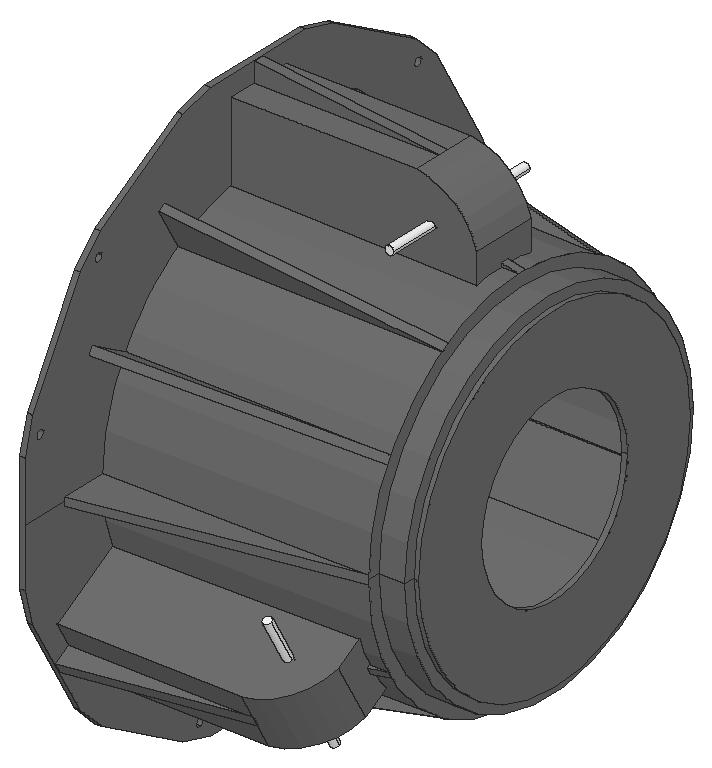
Revit family "L100-65FWS", category Pipe Accessories, Revit 2016
Family settings
  Part Type = Breaks Into
  Round Connector Dimension = Use Diameter
  Work Plane-Based = No
  Always vertical = No
  Cut with Voids When Loaded = No
  Shared = No
Parameters
  URL = "http://www.snapcollars.com"
  Model = "L100FWS"
  Manufacturer = "Snap Fire Systems"
  Description = "The L-100-FWS is a low-top, cast-in fire collar for concrete slabs 150mm or thicker."
Reference planes
  plane 1 "Center (Front/Back)": y = 0
  plane 2: z = 0
  plane 3 "Center (Left/Right)": x = -165
  plane 4: x = -230
  plane 5: x = -176.254
  plane 6: y = 90.593
  plane 7: y = -50
  plane 8: y = 100.593
  plane 9: y = -60
  plane 10: x = -195.933
  plane 11: x = -79.975
Forms (mm)
  Revolve 1, solid, material "PVC-Black", detail levels medium+fine
    sketch origin (0, 0, 0) x (1, 0, 0) y (0, 1, 0)
      loop
        line (-227.967, -69.144) -> (-134.479, -68.001) -> (-134.479, -63.623) -> (-125, -63.623) -> (-125, -59.868) -> (-141.666, -59.594) -> (-141.666, -63.997) -> (-230, -65.169) -> (-230, -105) -> (-227.967, -105) -> (-227.967, -69.144)
      axis (-230, 0) -> (-125, 0)
    angle from 0 to 360
  Extrusion 2, void
    sketch origin (-227.967, 0, 0) x (0, 1, 0) y (0, 0, -1)
      loop
        line (-27.564, -102.871) -> (27.564, -102.871) -> (75.307, -75.307) -> (102.871, -27.564) -> (102.871, 27.564) -> (75.307, 75.307) -> (27.564, 102.871) -> (-27.564, 102.871) -> (-75.307, 75.307) -> (-102.871, 27.564) -> (-102.871, -27.564) -> (-75.307, -75.307) -> (-27.564, -102.871)
      loop
        circle (0, 0) r 118.785
    from 0 to 2.033
  Extrusion 3, void
    sketch origin (-227.967, 0, 0) x (0, 1, 0) y (0, 0, -1)
      loop
        circle (-70.697, -70.697) r 1.577
      loop
        circle (-96.574, -25.877) r 1.577
      loop
        circle (96.571, -25.888) r 1.577
      loop
        circle (70.689, -70.705) r 1.577
      loop
        circle (-25.877, 96.574) r 1.577
      loop
        circle (25.877, 96.574) r 1.577
    from 0 to 2.033
  Extrusion 4, solid, material "PVC-Black", detail levels fine
    sketch origin (0, 0, 0) x (1, 0, 0) y (0, 0, 1)
      loop
        line (-134.479, 68.001) -> (-227.967, 86.048) -> (-227.967, 69.12) -> (-134.479, 68.001)
    from -1.5 to 1.5
  Extrusion 5, solid, material "PVC-Black", detail levels medium+fine
    sketch origin (0, 0, 0) x (1, 0, 0) y (0, 0, 1)
      loop
        line (-227.967, 58.439) -> (-140.967, 58.439) -> (-140.967, 77.244)
        arc (-140.967, 77.244) -> (-148.679, 90.01) -> (-162.316, 96.048) r 24.811
        line (-162.316, 96.048) -> (-227.967, 96.048) -> (-227.967, 58.439)
    from -12 to 12
  Extrusion 6, solid, material "PVC-Black", detail levels medium+fine
    sketch origin (0, 0, 0) x (1, 0, 0) y (0, -0.866025, -0.5)
      loop
        line (-227.967, 58.439) -> (-140.967, 58.439) -> (-140.967, 77.244)
        arc (-140.967, 77.244) -> (-148.679, 90.01) -> (-162.316, 96.048) r 24.811
        line (-162.316, 96.048) -> (-227.967, 96.048) -> (-227.967, 58.439)
    from -12 to 12
  Extrusion 7, solid, material "PVC-Black", detail levels medium+fine
    sketch origin (0, 0, 0) x (1, 0, 0) y (0, 0.866025, -0.5)
      loop
        line (-227.967, 58.439) -> (-140.967, 58.439) -> (-140.967, 77.244)
        arc (-140.967, 77.244) -> (-148.679, 90.01) -> (-162.316, 96.048) r 24.811
        line (-162.316, 96.048) -> (-227.967, 96.048) -> (-227.967, 58.439)
    from -12 to 12
  Extrusion 8, solid, material "PVC-Black", detail levels fine
    sketch origin (0, 0, 0) x (1, 0, 0) y (0, 0, 1)
      loop
        line (-227.967, 102.871) -> (-227.967, 96.048) -> (-162.316, 96.048) -> (-227.967, 102.871)
    from -2 to 2
  Extrusion 9, solid, material "PVC-Black", detail levels fine
    sketch origin (0, 0, 0) x (1, 0, 0) y (0, 0.866025, -0.5)
      loop
        line (-227.967, 102.871) -> (-227.967, 96.048) -> (-162.316, 96.048) -> (-227.967, 102.871)
    from -2 to 2
  Extrusion 10, solid, material "PVC-Black", detail levels fine
    sketch origin (0, 0, 0) x (1, 0, 0) y (0, -0.866025, -0.5)
      loop
        line (-227.967, 102.871) -> (-227.967, 96.048) -> (-162.316, 96.048) -> (-227.967, 102.871)
    from -2 to 2
  Extrusion 11, solid, material "PVC-White", not visible, detail levels fine
    sketch origin (0, 0, 0) x (1, 0, 0) y (0, 0, 1)
      loop
        line (-80, 60.418) -> (-227.967, 86.048) -> (-227.967, 69.12) -> (-80, 60.418)
    from -1.5 to 1.5
  Extrusion 12, solid, material "PVC-White", not visible, detail levels fine
    sketch origin (0, 0, 0) x (1, 0, 0) y (0, -0.5, 0.866025)
      loop
        line (-80, 60.418) -> (-227.967, 86.048) -> (-227.967, 69.12) -> (-80, 60.418)
    from -1.5 to 1.5
  Extrusion 13, solid, material "PVC-White", not visible, detail levels fine
    sketch origin (0, 0, 0) x (1, 0, 0) y (0, -0.866025, 0.5)
      loop
        line (-80, 60.418) -> (-227.967, 86.048) -> (-227.967, 69.12) -> (-80, 60.418)
    from -1.5 to 1.5
  Extrusion 14, solid, material "PVC-White", not visible, detail levels fine
    sketch origin (0, 0, 0) x (0, -1, 0) y (-1, 0, 0)
      loop
        line (60.418, 80) -> (86.048, 227.967) -> (69.12, 227.967) -> (60.418, 80)
    from -1.5 to 1.5
  Extrusion 15, solid, material "PVC-White", not visible, detail levels fine
    sketch origin (0, 0, 0) x (1, 0, 0) y (0, -0.866025, -0.5)
      loop
        line (-80, 60.418) -> (-227.967, 86.048) -> (-227.967, 69.12) -> (-80, 60.418)
    from -1.5 to 1.5
  Extrusion 16, solid, material "PVC-White", not visible, detail levels fine
    sketch origin (0, 0, 0) x (1, 0, 0) y (0, -0.5, -0.866025)
      loop
        line (-80, 60.418) -> (-227.967, 86.048) -> (-227.967, 69.12) -> (-80, 60.418)
    from -1.5 to 1.5
  Extrusion 17, solid, material "PVC-White", not visible, detail levels fine
    sketch origin (0, 0, 0) x (1, 0, 0) y (0, 0, -1)
      loop
        line (-80, 60.418) -> (-227.967, 86.048) -> (-227.967, 69.12) -> (-80, 60.418)
    from -1.5 to 1.5
  Extrusion 18, solid, material "PVC-White", not visible, detail levels fine
    sketch origin (0, 0, 0) x (1, 0, 0) y (0, 0.5, -0.866025)
      loop
        line (-80, 60.418) -> (-227.967, 86.048) -> (-227.967, 69.12) -> (-80, 60.418)
    from -1.5 to 1.5
  Extrusion 19, solid, material "PVC-White", not visible, detail levels fine
    sketch origin (0, 0, 0) x (1, 0, 0) y (0, 0.866025, -0.5)
      loop
        line (-80, 60.418) -> (-227.967, 86.048) -> (-227.967, 69.12) -> (-80, 60.418)
    from -1.5 to 1.5
  Extrusion 20, solid, material "PVC-White", not visible, detail levels fine
    sketch origin (0, 0, 0) x (1, 0, 0) y (0, 1, 0)
      loop
        line (-80, 60.418) -> (-227.967, 86.048) -> (-227.967, 69.12) -> (-80, 60.418)
    from -1.5 to 1.5
  Extrusion 21, solid, material "PVC-White", not visible, detail levels fine
    sketch origin (0, 0, 0) x (1, 0, 0) y (0, 0.866025, 0.5)
      loop
        line (-80, 60.418) -> (-227.967, 86.048) -> (-227.967, 69.12) -> (-80, 60.418)
    from -1.5 to 1.5
  Extrusion 22, solid, material "PVC-White", not visible, detail levels fine
    sketch origin (0, 0, 0) x (1, 0, 0) y (0, 0.5, 0.866025)
      loop
        line (-80, 60.418) -> (-227.967, 86.048) -> (-227.967, 69.12) -> (-80, 60.418)
    from -1.5 to 1.5
  Extrusion 23, solid, material "PVC-White", detail levels fine
    sketch origin (0, 0, 0) x (1, 0, 0) y (0, 0, 1)
      loop
        circle (-157.362, 79.878) r 1.5
    from -30 to 30
  Extrusion 24, solid, material "PVC-White", detail levels fine
    sketch origin (0, 0, 0) x (1, 0, 0) y (0, 0.866025, -0.5)
      loop
        circle (-157.362, 79.878) r 1.5
    from -30 to 30
  Extrusion 25, solid, material "PVC-White", detail levels fine
    sketch origin (0, 0, 0) x (1, 0, 0) y (0, -0.866025, -0.5)
      loop
        circle (-157.362, 79.878) r 1.5
    from -30 to 30
  Extrusion 26, solid, material "PVC-Black", detail levels fine
    sketch origin (0, 0, 0) x (1, 0, 0) y (0, 0.5, 0.866025)
      loop
        line (-134.479, 68.001) -> (-227.967, 86.048) -> (-227.967, 69.12) -> (-134.479, 68.001)
    from -1.5 to 1.5
  Extrusion 27, solid, material "PVC-Black", detail levels fine
    sketch origin (0, 0, 0) x (1, 0, 0) y (0, 0.866025, 0.5)
      loop
        line (-134.479, 68.001) -> (-227.967, 86.048) -> (-227.967, 69.12) -> (-134.479, 68.001)
    from -1.5 to 1.5
  Extrusion 28, solid, material "PVC-Black", detail levels fine
    sketch origin (0, 0, 0) x (1, 0, 0) y (0, 1, 0)
      loop
        line (-134.479, 68.001) -> (-227.967, 86.048) -> (-227.967, 69.12) -> (-134.479, 68.001)
    from -1.5 to 1.5
  Extrusion 29, solid, material "PVC-Black", detail levels fine
    sketch origin (0, 0, 0) x (1, 0, 0) y (0, 0.866025, -0.5)
      loop
        line (-134.479, 68.001) -> (-227.967, 86.048) -> (-227.967, 69.12) -> (-134.479, 68.001)
    from -1.5 to 1.5
  Extrusion 30, solid, material "PVC-Black", detail levels fine
    sketch origin (0, 0, 0) x (1, 0, 0) y (0, 0.5, -0.866025)
      loop
        line (-134.479, 68.001) -> (-227.967, 86.048) -> (-227.967, 69.12) -> (-134.479, 68.001)
    from -1.5 to 1.5
  Extrusion 31, solid, material "PVC-Black", detail levels fine
    sketch origin (0, 0, 0) x (1, 0, 0) y (0, 0, -1)
      loop
        line (-134.479, 68.001) -> (-227.967, 86.048) -> (-227.967, 69.12) -> (-134.479, 68.001)
    from -1.5 to 1.5
  Extrusion 32, solid, material "PVC-Black", detail levels fine
    sketch origin (0, 0, 0) x (1, 0, 0) y (0, -0.5, -0.866025)
      loop
        line (-134.479, 68.001) -> (-227.967, 86.048) -> (-227.967, 69.12) -> (-134.479, 68.001)
    from -1.5 to 1.5
  Extrusion 33, solid, material "PVC-Black", detail levels fine
    sketch origin (0, 0, 0) x (1, 0, 0) y (0, -0.866025, -0.5)
      loop
        line (-134.479, 68.001) -> (-227.967, 86.048) -> (-227.967, 69.12) -> (-134.479, 68.001)
    from -1.5 to 1.5
  Extrusion 34, solid, material "PVC-Black", detail levels fine
    sketch origin (0, 0, 0) x (0, -1, 0) y (-1, 0, 0)
      loop
        line (68.001, 134.479) -> (86.048, 227.967) -> (69.12, 227.967) -> (68.001, 134.479)
    from -1.5 to 1.5
  Extrusion 35, solid, material "PVC-Black", detail levels fine
    sketch origin (0, 0, 0) x (1, 0, 0) y (0, -0.866025, 0.5)
      loop
        line (-134.479, 68.001) -> (-227.967, 86.048) -> (-227.967, 69.12) -> (-134.479, 68.001)
    from -1.5 to 1.5
  Extrusion 36, solid, material "PVC-Black", detail levels fine
    sketch origin (0, 0, 0) x (1, 0, 0) y (0, -0.5, 0.866025)
      loop
        line (-134.479, 68.001) -> (-227.967, 86.048) -> (-227.967, 69.12) -> (-134.479, 68.001)
    from -1.5 to 1.5
  Extrusion 37, solid, material "PVC-Black"
    sketch origin (-125, 0, 0) x (0, -1, 0) y (0, 0, -1)
      loop
        circle (0, 0) r 32.5
      loop
        circle (0, 0) r 59.868
    from 0 to 2
Cuts and joins
  joined: Extrusion 5, Extrusion 6, Extrusion 7
  Extrusion 2, Extrusion 3 cuts Revolve 1
Dimensions and locks
  Extrusion 11 sketch curve to Extrusion 11 sketch curve = 0 mm
  Extrusion 12 sketch curve to Extrusion 12 sketch curve = 0 mm
  Extrusion 13 sketch curve to Extrusion 13 sketch curve = 0 mm
  Extrusion 14 sketch curve to Extrusion 14 sketch curve = 0 mm
  Extrusion 15 sketch curve to Extrusion 15 sketch curve = 0 mm
  Extrusion 16 sketch curve to Extrusion 16 sketch curve = 0 mm
  Extrusion 17 sketch curve to Extrusion 17 sketch curve = 0 mm
  Extrusion 18 sketch curve to Extrusion 18 sketch curve = 0 mm
  Extrusion 19 sketch curve to Extrusion 19 sketch curve = 0 mm
  Extrusion 20 sketch curve to Extrusion 20 sketch curve = 0 mm
  Extrusion 21 sketch curve to Extrusion 21 sketch curve = 0 mm
  Extrusion 22 sketch curve to Extrusion 22 sketch curve = 0 mm
  aligned and locked: level to plane 2
  aligned and locked: plane 1 "Center (Front/Back)" to Revolve 1 sketch curve
Connectors
  piping at (-195.933, 0, 0), diameter 65
    settings: on plane 10, index 4, connector inside diameter 609.6 mm, connector length 0 mm, flow factor 0, pipe flow 0.0 L/s, pressure drop 0.0 Pa, fitting loss kfactor 0, connector angle 0.00°, fixture units 0, engagement length 0 mm, angle of deflection 0.00°, flow configuration 0, flow direction 0, fitting loss method 0, system type 7, joint type 0, gender type 0, connector reference index -1, connector utility 0, adjustable connector no, is connector primary yes, connector description ""
  piping at (-176.254, 0, 0), diameter 65
    settings: on plane 5, index 5, connector inside diameter 609.6 mm, connector length 0 mm, flow factor 0, pipe flow 0.0 L/s, pressure drop 0.0 Pa, fitting loss kfactor 0, connector angle 0.00°, fixture units 0, engagement length 0 mm, angle of deflection 0.00°, flow configuration 0, flow direction 0, fitting loss method 0, system type 7, joint type 0, gender type 0, connector reference index -1, connector utility 0, adjustable connector no, is connector primary no, connector description ""
